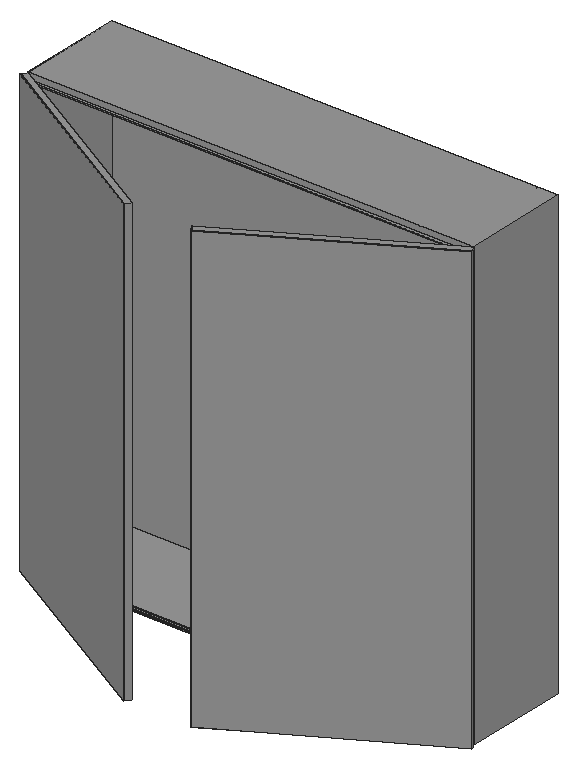
Revit family "Hager-Orion_Inox-IP55-D300-Cl.I-Inox_encl-630A-1200mm-NoHosted-CH-it", category Equipement électrique, Revit 2020
Family settings
  Configuration du panneau = Deux colonnes, circuits au sein
  Cote de connecteur circulaire = Utiliser le diamètre
  Type d'élément = Tableau de raccordement
  Basée sur le plan de construction = Oui
  Toujours verticalement = Oui
  Couper avec des vides une fois chargée = Non
  Partagée = Non
  Point de calcul de pièce = Non
Parameters (values of type "A parete IP55 L1200 A1200 P300  - FL060BWL")
  Width Control [instance] = if([EF000008 - Larghezza] > Min Width, [EF000008 - Larghezza], Min Width)  # 1200 mm
  Commentaires du type = [HG000003 - Gamma]  # "Orion Inox"
  Thickness Door [instance] = if([EF009171 - spessore materiale porta/coperchio] > 3 mm, 3 mm, [EF009171 - spessore materiale porta/coperchio])  # 1.5 mm
  Seal Frame Offset [instance] = 17 mm  # constant formula
  Min Width [instance] = 100 mm  # constant formula
  Min Depth [instance] = (2 * [EF009170 - spessore materiale scatola]) + 1 mm  # 4 mm
  Min Height [instance] = 100 mm  # constant formula
  Internal Frame Depth [instance] = -(Door System Depth * 0.5)  # -9 mm
  Panel Name [instance] = ""  # (empty or 0)
  Model = ""
  HG000027 - Altezza dello zoccolo = 0 mm
  HG000026 - A pavimento = no
  HG000024 - Altezza della sezione inferiore = 600 mm
  HG000023 - Custodia a doppia sezione = no
  HG000016 - Visibilità delle porte nella vista 3D [instance] = yes
  HG000015 - Visibilità attraverso la porta [instance] = no
  HG000014 - Porta destra [instance] = yes
  HG000013 - Porta sinistra [instance] = not([HG000014 - Porta destra])  # no
  HG000012 - Angolo di apertura della porta [instance] = 30.00°
  HG000010 - Porte asimmetriche = no
  HG000009 - Porta doppia a battente = yes
  HG000006 - Ad incasso = no
  HG000004 - Codice produttore = "FL060BWL"
  HG000003 - Gamma = "Orion Inox"
  HG000002 - Con porta = yes
  Frame Offset Bottom [instance] = 10 mm  # constant formula
  Frame Offset [instance] = 15 mm  # constant formula
  EF015940 - Coprire con rilascio di sovrapressione = no
  EF011959 - tipo di protezione (NEMA) = ""
  EF009554 - numero delle aperture per la piastra della flangia = 0
  EF009212 - esecuzione coperchio = "EV000116 - chiuso"
  EF009171 - spessore materiale porta/coperchio = 1.5 mm
  EF009170 - spessore materiale scatola = 1.5 mm
  EF008873 - corrente nominale (In) = 630 A
  EF007800 - adatto per parafulmine = no
  EF006306 - con serratura = yes
  EF006244 - coperchio/porta trasparente = no
  EF005474 - grado di protezione (IP) = "EV006420 - IP55"
  EF004464 - tipo di porta = "EV003602 - doppio"
  EF004427 - numero di moduli = 0
  EF004293 - resistenza agli urti = "EV008784 - IK10"
  EF003532 - adatto per uso esterno = yes
  EF002950 - Numero moduli DIN = 0
  EF001613 - Integrità del circuito = "EV000494 - senza"
  EF001596 - Attacco Lampada = "EV000166 - acciaio inossidabile"
  EF001131 - profondità interna = 266 mm
  EF001088 - possibilità di applicazione = yes
  EF000437 - numero di ingressi per conduttori = 0
  EF000339 - tipo di copertura = "EV004216 - porta"
  EF000266 - numero di file = 0
  EF000218 - profondità di incasso = 0 mm
  EF000118 - con piastra di montaggio = no
  EF000116 - numero RAL = ""
  EF000049 - profondità = 300 mm
  EF000040 - Altezza = 1200 mm
  EF000008 - Larghezza = 1200 mm
  EF000007 - colore = "EV000154 - altri"
  EF000003 - Tipo di montaggio = "EV000384 - A parete"
  Door System Leaf Tolerance [instance] = 1.5 mm  # constant formula
  Door System Depth [instance] = 18 mm  # constant formula
  Description = ""
  Default Elevation = 1219.2 mm
  Connector Offset [instance] = Height Control / 2  # 600 mm
  Fabricant = "Hager"  # constant formula
  Height Control [instance] = if([EF000040 - Altezza] > Min Height, [EF000040 - Altezza], Min Height)  # 1200 mm
  Depth Control [instance] = if([EF000049 - profondità] > Min Depth, [EF000049 - profondità], Min Depth)  # 300 mm
Types (4, lengths in mm): name | Width Control | HG000004 - Codice produttore | EF000008 - Larghezza
  A parete IP55 L1000 A1200 P300  - FL058BW | 1000 | "FL058BW" | 1000
  A parete IP55 L1000 A1200 P300  - FL058BWL | 1000 | "FL058BWL" | 1000
  A parete IP55 L1200 A1200 P300  - FL060BW | 1200 | "FL060BW" | 1200
  A parete IP55 L1200 A1200 P300  - FL060BWL | 1200 | "FL060BWL" | 1200
Reference planes
  plane 1 "Center (Front/Back)": y = 0
  plane 2: z = 0
  plane 3 "Center (Left/Right)": x = 0
  plane 4: y = 0
  plane 5: y = 0
  plane 6: z = 0
  plane 7: x = -600
  plane 8: x = 600
  plane 9: x = 598.5
  plane 10: x = -598.5
  plane 11: z = 0
  plane 12: z = 1.5
  plane 13: y = -300
  plane 14: y = -1.5
  plane 15: x = 0
  plane 16: y = -282
  plane 17: y = -298.5
  plane 18: y = -280.5
  plane 19: x = -583.5
  plane 20: x = 583.5
  plane 21: z = 11.5
  plane 22: x = -583
  plane 23: x = 583
  plane 24: z = 0
  plane 25: z = 1200
  plane 26: z = 1200
  plane 27: z = 1183.5
  plane 28: z = 1198.5
Forms (mm)
  Extrusion 1, solid, material "Hager_Stainless_Steel", detail levels medium+fine
    sketch origin (-208.679, -4572, 0) x (-1, 0, 0) y (0, -1, 0)
      loop
        line (391.321, -4290) -> (-808.679, -4290) -> (-808.679, -4572) -> (391.321, -4572) -> (391.321, -4290)
    from 0 to 1200
  Extrusion 2, void
    sketch origin (-350.771, -300, 1219.2) x (1, 0, 0) y (0, 0, 1)
      loop
        line (-247.729, -20.7) -> (-247.729, -1217.7) -> (949.271, -1217.7) -> (949.271, -20.7) -> (-247.729, -20.7)
    from -19.5 to -298.5
  Extrusion 3, void
    sketch origin (-290.084, -282, 1219.2) x (1, 0, 0) y (0, 0, 1)
      loop
        line (-293.416, -1207.7) -> (873.584, -1207.7) -> (873.584, -35.7) -> (-293.416, -35.7) -> (-293.416, -1207.7)
    from 0 to -1.5
  Extrusion 4, solid, material "Hager_Stainless_Steel", detail levels fine
    sketch origin (-290.084, -282, 1219.2) x (-1, 0, 0) y (0, 0, 1)
      loop
        line (-873.584, -1207.7) -> (293.416, -1207.7) -> (293.416, -35.7) -> (-873.584, -35.7) -> (-873.584, -1207.7)
      loop
        line (-875.084, -1209.2) -> (294.916, -1209.2) -> (294.916, -34.2) -> (-875.084, -34.2) -> (-875.084, -1209.2)
    from 0 to -9 <- "Internal Frame Depth"
  Extrusion 5, solid, material "Hager_Stainless_Steel", detail levels coarse
    sketch origin (0, 0, 0) x (1, 0, 0) y (0, 1, 0)
      loop
        line (-600, 0) -> (-600, -300) -> (600, -300) -> (600, 0) -> (-600, 0)
    from 0 to 1200 <- "Height Control"
Cuts and joins
  Extrusion 2, Extrusion 3 cuts Extrusion 1
Lines and regions (mm)
  Masking region 1
    outline origin (0, 0, 0) x (1, 0, 0) y (0, 1, 0)
      loop
        line (-600, 0) -> (-600, -300) -> (600, -300) -> (600, 0) -> (-600, 0)
  Masking region 2
    outline origin (-290.084, -282, 1219.2) x (-1, 0, 0) y (0, 0, 1)
      loop
        line (-890.084, -1219.2) -> (309.916, -1219.2) -> (309.916, -19.2) -> (-890.084, -19.2) -> (-890.084, -1219.2)
  Masking region 3, detail levels coarse
    outline origin (0, 0, 0) x (0, 1, 0) y (0, 0, 1)
      loop
        line (0, 0) -> (0, 1200) -> (-300, 1200) -> (-300, 0) -> (0, 0)
  Masking region 4, detail levels medium+fine
    outline origin (0, 0, 594.038) x (0, 1, 0) y (0, 0, 1)
      loop
        line (0, -594.038) -> (0, 605.962) -> (-282, 605.962) -> (-282, -594.038) -> (0, -594.038)
Dimensions and locks
  locked: plane 1 "Center (Front/Back)" to plane 5
  "EF009170 - spessore materiale scatola": plane 7 to plane 10
  "EF009170 - spessore materiale scatola": plane 8 to plane 9
  equal spacing: plane 7, plane 3 "Center (Left/Right)", plane 8
  "Width Control": plane 7 to plane 8
  "Depth Control": plane 4 to plane 13
  "EF009170 - spessore materiale scatola": plane 4 to plane 14
  "Height Control": plane 25 to level
  "EF009170 - spessore materiale scatola": plane 12 to plane 11
  "EF009170 - spessore materiale scatola": plane 17 to plane 13
  "EF009170 - spessore materiale scatola": plane 18 to plane 16
  "Frame Offset Bottom": plane 21 to plane 12
  "Frame Offset": plane 10 to plane 19
  "Frame Offset": plane 9 to plane 20
  "Door System Depth": plane 16 to plane 13
  "Seal Frame Offset": plane 7 to plane 22
  "Seal Frame Offset": plane 8 to plane 23
  "EF009170 - spessore materiale scatola": plane 26 to plane 28
  "Frame Offset": plane 28 to plane 27
  "Connector Offset": plane 2 to connector elem
  "Thickness Door": cut or joined group of Extrusion 1, Extrusion 2, Extrusion 3 to Extrusion 4 sketch curve
  "Thickness Door": Extrusion 4 sketch curve to plane 19
  "Thickness Door": Extrusion 4 sketch curve to plane 20
  "Thickness Door": Extrusion 4 sketch curve to plane 27
  aligned and locked: Extrusion 2 sketch curve to plane 12
  aligned and locked: Extrusion 2 sketch curve to plane 9
  aligned and locked: Extrusion 2 sketch curve to plane 10
  aligned and locked: Extrusion 2 to plane 14
  aligned and locked: Extrusion 1 sketch curve to plane 4
  aligned and locked: plane 8 to Extrusion 1 sketch curve
  aligned and locked: plane 7 to Extrusion 1 sketch curve
  aligned and locked: Extrusion 2 to plane 18
  aligned and locked: Extrusion 3 sketch curve to plane 19
  aligned and locked: plane 20 to Extrusion 3 sketch curve
  aligned and locked: Extrusion 3 to Extrusion 2
  aligned and locked: Extrusion 3 sketch curve to plane 21
  aligned and locked: plane 3 "Center (Left/Right)" to nested 1
  aligned and locked: Extrusion 1 sketch curve to plane 16
  aligned and locked: Masking region 1 sketch curve to plane 7
  aligned and locked: Masking region 1 sketch curve to plane 5
  aligned and locked: Masking region 1 sketch curve to plane 8
  aligned and locked: Masking region 2 sketch curve to level
  aligned and locked: level to Masking region 3 sketch curve
  aligned and locked: plane 1 "Center (Front/Back)" to Masking region 3 sketch curve
  aligned and locked: plane 13 to Masking region 3 sketch curve
  aligned and locked: Masking region 2 sketch curve to plane 8
  aligned and locked: Masking region 2 sketch curve to plane 7
  aligned and locked: plane 7 to nested 2
  aligned and locked: nested 2 to plane 5
  aligned and locked: plane 5 to Masking region 4 sketch curve
  aligned and locked: plane 26 to Masking region 4 sketch curve
  aligned and locked: Extrusion 5 sketch curve to plane 8
  aligned and locked: Extrusion 5 sketch curve to plane 7
  aligned and locked: Extrusion 5 sketch curve to plane 5
  aligned and locked: Extrusion 3 sketch curve to plane 27
  aligned and locked: Extrusion 2 sketch curve to plane 28
  aligned and locked: Extrusion 4 sketch curve to plane 27
  aligned and locked: Extrusion 4 sketch curve to plane 20
  aligned and locked: Extrusion 4 sketch curve to plane 21
  aligned and locked: Extrusion 4 sketch curve to plane 19
  aligned and locked: Masking region 2 to plane 25
  aligned and locked: Masking region 4 sketch curve to plane 24
  aligned and locked: Masking region 1 to plane 13
  aligned and locked: nested 1 to plane 16
  aligned and locked: Masking region 3 to plane 25
  aligned and locked: Masking region 4 sketch curve to plane 16
  aligned and locked: plane 24 to plane 11
  aligned and locked: plane 26 to plane 25
  aligned and locked: level to plane 24
  aligned and locked: Extrusion 1 to Masking region 3
  aligned and locked: level to nested 1
Automatic sketch dimensions
  Extrusion 5 sketch curve to plane 13 = 0 mm
  plane 27 to Masking region 2 sketch curve = 16.5 mm
  plane 27 to Masking region 3 sketch curve = 16.5 mm
  Masking region 1 sketch curve to plane 13 = 0 mm
  Extrusion 3 sketch curve to plane 21 = 0 mm
  plane 19 to Extrusion 3 sketch curve = 0 mm
  Extrusion 3 sketch curve to plane 20 = 0 mm
Nested families
  nested 1: "EC000058_OrionInox_Door" at (0, -282, 0), Double <- "HG000009 - Porta doppia a battente", Transparent <- "EF006244 - coperchio/porta trasparente", Angle <- "HG000012 - Angolo di apertura della porta", Door_Right <- "HG000014 - Porta destra", Assymetrical <- "HG000010 - Porte asimmetriche", Door <- "HG000002 - Con porta", Width_Ctrl <- "Width Control", 3d_Door <- "HG000016 - Visibilità delle porte nella vista 3D", Clearance <- "HG000015 - Visibilità attraverso la porta", Door_Left <- "HG000013 - Porta sinistra", Width <- "Width Control", Door_Depth <- "Door System Depth", Leaf_Tolerance <- "Door System Leaf Tolerance", Height <- "Height Control", Thickness <- "Thickness Door", type "EC000058_OrionInox_Door", detail levels medium+fine
    with min_wh 4 mm, Width_Ctrl 1200 mm, Width 1200 mm, Transparent no, Thickness 1.5 mm, Seal_Material Hager_Rubber, Leaf_Width 1200 mm, Leaf_Tolerance_External_Sides 0 mm, Leaf_Tolerance 1.5 mm, Leaf_Offset 0 mm, Leaf_Height 1197 mm, Leaf_2_Width 598.5 mm, Leaf_2_Offset 300 mm, Leaf_1_Width 598.5 mm, Leaf_1_Offset 300 mm, Height_Ctrl 1200 mm, Height 1200 mm, Glass_Material Hager_Glass, Double_Clearance_Ctrl no, Double yes, Door_Right_Ctrl yes, Door_Right yes, Door_Material Hager_Stainless_Steel, Door_Left_Ctrl yes, Door_Left no, Door_Depth 18 mm, Door yes, Clearance_Material Hager_Clearance, Clearance_Depth 598.5 mm, Clearance_Ctrl no, Clearance no, Assymetrical no, Angle 30.00°, 3d_Door yes
  nested 2: "Hager_Enclosure_Symbol" at (-600, 0, 0), Height <- "Depth Control", Width <- "Width Control", type "Hager_Enclosure_Symbol"
    with Width_Ctrl 1200 mm, Width 1200 mm, Height_Ctrl 300 mm, Height 300 mm, A_Width_Int 19.688 mm, A_Width 236.25 mm, A_Height_Ctrl 262.5 mm, A_Height 262.5 mm
Connectors
  electrical at (0, 0, 600)
    settings: on plane 1 "Center (Front/Back)", index 1, voltage 0 V, apparent load 0 VA, apparent load phase1 0 VA, apparent load phase2 0 VA, apparent load phase3 0 VA, power factor 1, load classification "Other", number of poles 1, system type 30, power factor state 1, is connector primary yes, connector utility no, sub classification motor no, connector description ""
Definition of nested family "EC000058_OrionInox_Door"
  Parameters (values of type "EC000058_OrionInox_Door")
    min_wh [instance] = (2 * Thickness) + 1 mm  # 11 mm
    Width_Ctrl [instance] = 400 mm
    Width [instance] = 500 mm
    Transparent [instance] = yes
    Thickness [instance] = 5 mm
    Seal_Material [instance] = none
    Leaf_Width [instance] = if((Width_Ctrl - 2 * Leaf_Tolerance_External_Sides) > 0 mm, (Width_Ctrl - 2 * Leaf_Tolerance_External_Sides), min_wh)  # 400 mm
    Leaf_Tolerance_External_Sides [instance] = 0 mm  # constant formula
    Leaf_Tolerance [instance] = 1.5 mm
    Leaf_Offset [instance] = 0 mm  # constant formula
    Leaf_Height [instance] = if((Height_Ctrl - 2 * Leaf_Tolerance) > 0 mm, (Height_Ctrl - 2 * Leaf_Tolerance), min_wh)  # 497 mm
    Leaf_2_Width [instance] = if(and(and(Double, Assymetrical), Door_Left), (Leaf_Width / 3) - (Leaf_Tolerance / 2), if(and(and(Double, Assymetrical), Door_Right), (Leaf_Width / 3) * 2 - (Leaf_Tolerance / 2), if(and(Double, not(Assymetrical)), (Leaf_Width / 2) - Leaf_Tolerance, Leaf_Width)))  # 400 mm
    Leaf_2_Offset [instance] = if(and(Double, Assymetrical), Leaf_2_Width / 2, if(and(Double, not(Assymetrical)), Leaf_Width / 4, Leaf_Width / 2))  # 200 mm
    Leaf_1_Width [instance] = if(and(and(Double, Assymetrical), Door_Right), (Leaf_Width / 3) - (Leaf_Tolerance / 2), if(and(and(Double, Assymetrical), Door_Left), (Width / 3) * 2 - (Leaf_Tolerance / 2), if(and(Double, not(Assymetrical)), (Leaf_Width / 2) - Leaf_Tolerance, Leaf_Width)))  # 400 mm
    Leaf_1_Offset [instance] = if(and(Double, Assymetrical), Leaf_1_Width / 2, if(and(Double, not(Assymetrical)), Leaf_Width / 4, Leaf_Width / 2))  # 200 mm
    Height_Ctrl [instance] = if(Height > min_wh, Height, min_wh)  # 500 mm
    Height [instance] = 500 mm
    Glass_Material [instance] = none
    Double_Clearance_Ctrl [instance] = and(Double, Clearance)  # no
    Double [instance] = no
    Door_Right_Ctrl [instance] = and(or(Door_Right, Double), Door)  # yes
    Door_Right [instance] = yes
    Door_Material [instance] = none
    Door_Left_Ctrl [instance] = and(or(Door_Left, Double), Door)  # no
    Door_Left [instance] = no
    Door_Depth [instance] = 30 mm
    Door [instance] = yes
    Default Elevation = 1219.2 mm
    Clearance_Material [instance] = none
    Clearance_Depth [instance] = if(Leaf_1_Width > Leaf_2_Width, Leaf_1_Width, Leaf_2_Width)  # 400 mm
    Clearance_Ctrl [instance] = and(not(Double), Clearance)  # yes
    Clearance [instance] = yes
    Assymetrical [instance] = yes
    Angle [instance] = 30.00°
    3d_Door [instance] = yes
  Reference planes
    plane 1 "Center (Front/Back)": y = 0
    plane 2 "Bottom": z = 0
    plane 3 "Center (Left/Right)": x = 0
    plane 4: z = 500
    plane 5: x = -200
    plane 6: x = 200
    plane 7: z = 500
    plane 8: x = -200
    plane 9: z = 0
    plane 10: x = 200
    plane 11: y = 0
    plane 12: z = 1.5
    plane 13: x = -600
    plane 14: y = -400
    plane 15: x = 600
    plane 16: x = 0
    plane 17: x = 0
    plane 18: x = -200
    plane 19: x = 200
    plane 20: z = 498.5
  Forms (mm)
    Extrusion 1, solid, material <- "Clearance_Material", visible <- "Double_Clearance_Ctrl"
      sketch origin (1200, 0, 0) x (1, 0, 0) y (0, 0, -1)
        loop
          line (-1800, -498.5) -> (-600, -498.5) -> (-600, 0) -> (-1800, 0) -> (-1800, -498.5)
      from 0 to -400
  Dimensions and locks
    equal spacing: plane 5, plane 3 "Center (Left/Right)", plane 6
    "Width_Ctrl": plane 5 to plane 6
    "Leaf_Offset": plane 5 to plane 8
    "Leaf_Offset": plane 6 to plane 10
    "Leaf_Offset": plane 9 to level
    "Leaf_Offset": plane 4 to plane 7
    "Height_Ctrl": plane 4 to level
    "Leaf_Tolerance": plane 12 to plane 9
    locked: plane 11 to plane 1 "Center (Front/Back)"
    "Leaf_1_Offset": plane 18 to plane 16
    "Leaf_2_Offset": plane 17 to plane 19
    "Leaf_1_Width": plane 13 to plane 8
    "Leaf_2_Width": plane 10 to plane 15
    "Clearance_Depth": plane 14 to plane 1 "Center (Front/Back)"
    "Leaf_Tolerance_External_Sides": plane 8 to plane 18
    "Leaf_Tolerance_External_Sides": plane 19 to plane 10
    "Leaf_Tolerance": plane 7 to plane 20
    aligned and locked: level to plane 2 "Bottom"
    aligned and locked: nested 1 to plane 16
    aligned and locked: nested 2 to plane 17
    aligned and locked: Extrusion 1 to plane 13
    aligned and locked: plane 15 to Extrusion 1
    aligned and locked: Extrusion 1 to plane 14
    aligned and locked: plane 12 to nested 1
    aligned and locked: nested 2 to plane 12
    aligned and locked: Extrusion 1 to plane 11
    aligned and locked: plane 20 to Extrusion 1
    aligned and locked: nested 2 to plane 11
    aligned and locked: nested 1 to plane 11
  Automatic sketch dimensions
    Extrusion 1 sketch curve to level = 0 mm
    plane 5 to Extrusion 1 sketch curve = 400 mm
    plane 6 to Extrusion 1 sketch curve = 400 mm
    Extrusion 1 sketch curve to plane 4 = 1.5 mm
  Nested families
    nested 1: "EC000058_OrionInox_Door_Leaf" at (0, 0, 1.5), Width <- "Leaf_1_Width", visible <- "Door_Left_Ctrl", Leaf_Height <- "Leaf_Height", Angle <- "Angle", 3d_Door <- "3d_Door", Transparent <- "Transparent", Clearance Material <- "Clearance_Material", Clearance <- "Clearance_Ctrl", Door_Material <- "Door_Material", Glass_Material <- "Glass_Material", Door_Depth <- "Door_Depth", Seal_Material <- "Seal_Material", Thickness <- "Thickness", type "EC000058_OrionInox_Door_Leaf"
      with Width 400 mm, Transparent_Ctrl yes, Transparent yes, Thickness 5 mm, Standard no, Seal_Material none, Seal_D2 8 mm, Seal_D1 1 mm, Offset_Internal_Frame 10 mm, Lock_Width 28 mm, Lock_Thickness 2 mm, Lock_Radius 6 mm, Leaf_Height 497 mm, Internal_Seal_Thickness 8 mm, Internal_Seal_Depth_2 4.5 mm, Internal_Frame_Depth 25 mm, Glass_Thickness -1 mm, Glass_Offset -2 mm, Glass_Material none, Door_Material none, Door_Depth 30 mm, Clearance Material none, Clearance yes, Angle_Ctrl 30.00°, Angle 30.00°, 3d_Door yes
    nested 2: "EC000058_OrionInox_Door_Leaf" at (0, 0, 1.5) x (-1, 0, 0) z (0, 0, 1), Width <- "Leaf_2_Width", visible <- "Door_Right_Ctrl", Leaf_Height <- "Leaf_Height", Angle <- "Angle", 3d_Door <- "3d_Door", Transparent <- "Transparent", Clearance Material <- "Clearance_Material", Clearance <- "Clearance_Ctrl", Door_Material <- "Door_Material", Glass_Material <- "Glass_Material", Door_Depth <- "Door_Depth", Seal_Material <- "Seal_Material", Thickness <- "Thickness", type "EC000058_OrionInox_Door_Leaf"
      with Width 400 mm, Transparent_Ctrl yes, Transparent yes, Thickness 5 mm, Standard no, Seal_Material none, Seal_D2 8 mm, Seal_D1 1 mm, Offset_Internal_Frame 10 mm, Lock_Width 28 mm, Lock_Thickness 2 mm, Lock_Radius 6 mm, Leaf_Height 497 mm, Internal_Seal_Thickness 8 mm, Internal_Seal_Depth_2 4.5 mm, Internal_Frame_Depth 25 mm, Glass_Thickness -1 mm, Glass_Offset -2 mm, Glass_Material none, Door_Material none, Door_Depth 30 mm, Clearance Material none, Clearance yes, Angle_Ctrl 30.00°, Angle 30.00°, 3d_Door yes
  Definition of nested family "EC000058_OrionInox_Door_Leaf"
    Parameters (values of type "EC000058_OrionInox_Door_Leaf")
      Width [instance] = 450 mm
      Transparent_Ctrl [instance] = and(Transparent, [3d_Door])  # yes
      Transparent [instance] = yes
      Thickness [instance] = 5 mm
      Standard [instance] = and(not(Transparent), [3d_Door])  # no
      Seal_Material [instance] = none
      Seal_D2 [instance] = 8 mm  # constant formula
      Seal_D1 [instance] = 1 mm  # constant formula
      Offset_Internal_Frame [instance] = 10 mm  # constant formula
      Lock_Width [instance] = Door_Depth - Lock_Thickness  # 28 mm
      Lock_Thickness [instance] = 2 mm  # constant formula
      Lock_Radius [instance] = 6 mm  # constant formula
      Leaf_Height [instance] = 450 mm
      Internal_Seal_Thickness [instance] = 8 mm  # constant formula
      Internal_Seal_Depth_2 [instance] = 4.5 mm  # constant formula
      Internal_Frame_Depth [instance] = if(Door_Depth - Thickness > 5 mm, Door_Depth - Thickness, 5 mm)  # 25 mm
      Glass_Thickness [instance] = if(Thickness > 15 mm, Glass_Offset + 10 mm, -1 mm)  # -1 mm
      Glass_Offset [instance] = if(Thickness > 15 mm, -(Thickness + 10 mm) / 2, -2 mm)  # -2 mm
      Glass_Material [instance] = none
      Door_Material [instance] = none
      Door_Depth [instance] = 30 mm
      Default Elevation = 0 mm
      Clearance Material [instance] = none
      Clearance [instance] = yes
      Angle_Ctrl [instance] = if(Angle > 180.00°, 180.00°, Angle)  # 90.00°
      Angle [instance] = 90.00°
      3d_Door [instance] = yes
    Reference planes
      plane 1 "Center (Front/Back)": y = 0
      plane 2: z = 0
      plane 3 "Center (Left/Right)": x = 0
      plane 4: y = 450
      plane 5: x = -225
      plane 6: x = 225
      plane 7: x = -675
      plane 8: z = 450
      plane 9: z = 30
      plane 10: z = 420
      plane 11: x = 195
      plane 12: x = -195
      plane 13: y = -3
      plane 14: z = 107.833
      plane 15: y = -5
      plane 16: y = -223.314
      plane 17: x = -225
      plane 18: y = 30
    Forms (mm)
      Extrusion 1, solid, material <- "Clearance Material", visible <- "Clearance"
        sketch origin (0, 0, 0) x (1, 0, 0) y (0, 0, 1)
          loop
            line (-675, 450) -> (-675, 0) -> (225, 0) -> (225, 450) -> (-675, 450)
        from 0 to -450
      Extrusion 2, solid, material <- "Door_Material", visible <- "Standard", detail levels medium+fine
        sketch origin (-225, 0, 0) x (0, 1, 0) y (-1, 0, 0)
          loop
            line (0, 30) -> (0, 25) -> (450, 25) -> (450, 30) -> (0, 30)
        from 0 to 450 <- "Leaf_Height"
      Extrusion 3, solid, material <- "Door_Material", visible <- "Transparent_Ctrl", detail levels medium+fine
        sketch origin (-225, 0, 0) x (0, 1, 0) y (-1, 0, 0)
          loop
            line (0, 25) -> (450, 25) -> (450, 30) -> (0, 30) -> (0, 25)
        from 0 to 450 <- "Leaf_Height"
      Extrusion 4, void
        sketch origin (-250, 450, 0) x (0, 1, 0) y (0, 0, -1)
          loop
            line (-30, -420) -> (-30, -30) -> (-420, -30) -> (-420, -420) -> (-30, -420)
        from 0 to 5 <- "Thickness"
      Sweep 5, solid, material <- "Seal_Material", visible <- "Transparent_Ctrl", detail levels fine
        path in 3D
          loop
            line (-250, 30, 30) -> (-250, 30, 420) -> (-250, 420, 420) -> (-250, 420, 30) -> (-250, 30, 30)
        profile origin (-250, 225, 30) x (1, 0, 0) y (0, 0, 1)
          loop
            line (0, 0) -> (0, -8) -> (1, -8) -> (1, 0) -> (0, 0)
      Extrusion 6, solid, material <- "Glass_Material", visible <- "Transparent_Ctrl", detail levels medium+fine
        sketch origin (-255, 0, 0) x (0, 1, 0) y (0, 0, -1)
          loop
            line (420, -420) -> (420, -30) -> (30, -30) -> (30, -420) -> (420, -420)
        from -2 <- "Glass_Offset" to -1 <- "Glass_Thickness"
      Extrusion 7, solid, material <- "Door_Material", visible <- "3d_Door", detail levels medium+fine
        sketch origin (-250, 450, 0) x (0, -1, 0) y (0, 0, -1)
          loop
            line (0, -450) -> (450, -450) -> (450, 0) -> (0, 0) -> (0, -450)
          loop
            line (445, -5) -> (5, -5) -> (5, -445) -> (445, -445) -> (445, -5)
        from 0 to 25 <- "Internal_Frame_Depth"
      Sweep 8, solid, material <- "Seal_Material", visible <- "Transparent_Ctrl", detail levels fine
        path in 3D
          loop
            line (-250, 0, 0) -> (-250, 450, 0) -> (-250, 450, 450) -> (-250, 0, 450) -> (-250, 0, 0)
        profile origin (-250, 0, 225) x (1, 0, 0) y (0, 1, 0)
          loop
            line (0, 10) -> (2.975, 10)
            arc (2.975, 10) -> (4.053, 10.447) -> (4.5, 11.525) r 1.525
            line (4.5, 11.525) -> (4.5, 16.527)
            arc (4.5, 16.527) -> (4.069, 17.569) -> (3.027, 18) r 1.473
            line (3.027, 18) -> (0, 18) -> (0, 10)
    Cuts and joins
      Extrusion 4 cuts Extrusion 3
    Lines and regions (mm)
      Masking region 1, detail levels medium+fine
        outline origin (0, 0, 0) x (0, 1, 0) y (0, 0, 1)
          loop
            line (0, 0) -> (30, 0) -> (30, 450) -> (0, 450) -> (0, 0)
      Masking region 2, detail levels medium+fine
        outline origin (0, 0, 0) x (1, 0, 0) y (0, 0, 1)
          loop
            line (-225, 450) -> (-225, 0) -> (225, 0) -> (225, 450) -> (-225, 450)
      symbolic lines
        curve 1: line (225, 0, 0) -> (-675, 0, 0)
        curve 2: arc (225, 0, 0) -> (-225, 450, 0) -> (-675, 0, 0) r 450
        curve 4: line (-255, 0, 0) -> (-255, 450, 0)
      reference lines
        curve 3: line (-225, 0, 0) -> (-225, 450, 0)
      symbolic lines, detail levels medium+fine
        curve 5: line (-255, 450, 0) -> (-250, 450, 0)
        curve 7: line (-250, 0, 0) -> (-255, 0, 0)
        curve 8: line (-250, 0, 0) -> (-225, 0, 0)
        curve 9: line (-225, 0, 0) -> (-225, 450, 0)
        curve 10: line (-225, 450, 0) -> (-250, 450, 0)
      symbolic lines, detail levels fine
        curve 6: line (-250, 450, 0) -> (-250, 0, 0)
      sketch lines
        curve 11: line (-250, 0, 450) -> (-250, 0, 0)
        curve 12: line (-250, 450, 0) -> (-250, 0, 0)
        curve 13: line (-250, 450, 450) -> (-250, 450, 0)
        curve 14: line (-250, 0, 450) -> (-250, 450, 450)
        curve 15: line (-250, 420, 30) -> (-250, 30, 30)
        curve 16: line (-250, 30, 30) -> (-250, 30, 420)
        curve 17: line (-250, 420, 420) -> (-250, 420, 30)
        curve 18: line (-250, 30, 420) -> (-250, 420, 420)
      symbolic lines, visible <- "Transparent", detail levels medium+fine
        curve 19: line (-195, 0, 420) -> (195, 0, 420)
        curve 20: line (-195, 0, 30) -> (-195, 0, 420)
        curve 21: line (195, 0, 30) -> (-195, 0, 30)
        curve 22: line (195, 0, 420) -> (195, 0, 30)
    Dimensions and locks
      "Width": plane 1 "Center (Front/Back)" to plane 4
      equal spacing: plane 5, plane 3 "Center (Left/Right)", plane 6
      "Width": plane 5 to plane 6
      "Width": plane 7 to plane 5
      "Leaf_Height": plane 8 to level
      "Width": curve 5 to curve 3
      "Width": curve 3 to curve 3
      plane 8 to plane 10 = 30 mm
      plane 9 to level = 30 mm
      plane 12 to plane 5 = 30 mm
      plane 6 to plane 11 = 30 mm
      Extrusion 4 sketch curve to Extrusion 3 = 30 mm
      Extrusion 3 to Extrusion 4 sketch curve = 30 mm
      Extrusion 1 to Extrusion 4 sketch curve = 30 mm
      curve 3 to Extrusion 4 sketch curve = 30 mm
      Extrusion 4 sketch curve to cut or joined group of Extrusion 3, Extrusion 4 = 30 mm
      cut or joined group of Extrusion 3, Extrusion 4 to Extrusion 6 sketch curve = 30 mm
      cut or joined group of Extrusion 3, Extrusion 4 to Extrusion 4 sketch curve = 30 mm
      "Thickness": curve 6 to curve 4
      "Thickness": Extrusion 7 sketch curve to Extrusion 7 sketch curve  (x4)
      "Door_Depth": curve 4 to curve 3
      "Offset_Internal_Frame": profile plane to Sweep 8 sketch curve
      "Internal_Seal_Thickness": Sweep 8 sketch curve to Sweep 8 sketch curve
      "Internal_Seal_Depth_2": profile plane to Sweep 8 sketch curve
      "Seal_D1": profile plane to Sweep 5 sketch curve
      "Seal_D2": profile plane to Sweep 5 sketch curve
      "Thickness": Extrusion 2 sketch curve to Extrusion 2 sketch curve
      "Door_Depth": plane 18 to plane 1 "Center (Front/Back)"
      radius of Sweep 8 sketch curve = 1.525 mm
      radius of Sweep 8 sketch curve = 1.473 mm
      "Angle_Ctrl": angle plane 1 "Center (Front/Back)" to curve 3
      aligned and locked: level to plane 2
      aligned and locked: Extrusion 1 to curve 1
      aligned and locked: plane 6 to Extrusion 1
      aligned and locked: plane 1 "Center (Front/Back)" to Extrusion 1
      aligned and locked: plane 4 to Extrusion 1
      aligned and locked: plane 8 to Extrusion 1
      aligned and locked: curve 7 to Extrusion 2 sketch curve
      aligned and locked: curve 5 to Extrusion 2 sketch curve
      aligned and locked: curve 7 to Extrusion 3 sketch curve
      aligned and locked: Extrusion 3 sketch curve to curve 4
      aligned and locked: Extrusion 3 sketch curve to curve 6
      aligned and locked: Extrusion 3 sketch curve to curve 5
      aligned and locked: curve 9 to curve 3
      aligned and locked: Extrusion 7 sketch curve to cut or joined group of Extrusion 3, Extrusion 4  (x4)
      aligned and locked: plane 17 to curve 3
      aligned and locked: plane 1 "Center (Front/Back)" to curve 3
      aligned and locked: plane 17 to plane 5
      aligned and locked: Sweep 8 sketch curve to profile plane
      aligned and locked: Sweep 5 sketch curve to profile plane  (x2)
      aligned and locked: plane 1 "Center (Front/Back)" to Masking region 1 sketch curve
      aligned and locked: plane 18 to Masking region 1 sketch curve
      aligned and locked: level to Masking region 1 sketch curve
      aligned and locked: Masking region 1 sketch curve to plane 8
      aligned and locked: plane 17 to Masking region 2 sketch curve
      aligned and locked: level to Masking region 2 sketch curve
      aligned and locked: Masking region 2 sketch curve to plane 8
      aligned and locked: plane 12 to curve 20
      aligned and locked: plane 10 to curve 19
      aligned and locked: plane 11 to curve 22
      aligned and locked: plane 9 to curve 21
      aligned and locked: Extrusion 2 sketch curve to cut or joined group of Extrusion 3, Extrusion 4
    Automatic sketch dimensions
      plane 1 "Center (Front/Back)" to curve 2 = 0 mm
      curve 2 to plane 5 = 0 mm
      Extrusion 1 sketch curve to level = 0 mm
      Extrusion 1 sketch curve to plane 7 = 0 mm
      Extrusion 1 sketch curve to plane 6 = 0 mm
      Extrusion 1 sketch curve to plane 8 = 0 mm
      Extrusion 3 to Extrusion 6 sketch curve = 30 mm  (x4)
      Masking region 2 sketch curve to plane 6 = 0 mm
      curve 4 to curve 3 = 0 mm
Definition of nested family "Hager_Enclosure_Symbol"
  Parameters (values of type "Hager_Enclosure_Symbol")
    Width_Ctrl [instance] = if(Width > 1 mm, Width, 1 mm)  # 102.27 mm
    Width [instance] = 102.27 mm
    Height_Ctrl [instance] = if(Height > 1 mm, Height, 1 mm)  # 66.5 mm
    A_Width_Int [instance] = if(A_Width / 12 > 2 mm, A_Width / 12, 2 mm)  # 4.364 mm
    A_Width [instance] = if(A_Height_Ctrl * 0.9 > 2 mm, A_Height_Ctrl * 0.9, 2 mm)  # 52.369 mm
    A_Height_Ctrl [instance] = if(A_Height > 2 mm, A_Height, 2 mm)  # 58.188 mm
    Height [instance] = 66.5 mm
    A_Height [instance] = Height - (Height / 8)  # 58.188 mm
  Reference planes
    plane 1 "Centre (avant/arrière)": y = 0
    plane 2: z = 0
    plane 3 "Centre (gauche/droite)": x = 0
    plane 4: x = 52.369
    plane 5: y = 33.042
    plane 6: y = 41.77
    plane 7: y = 66.5
    plane 8: x = 26.184
    plane 9: y = 37.406
    plane 10: x = 102.27
    plane 11: y = 66.5
    plane 12: y = 8.313
  Lines and regions (mm)
    Filled region 1, type "Solid_Black", in view "Niveau de réf."
      outline origin (0, 0, 0) x (1, 0, 0) y (0, 1, 0)
        loop
          line (52.369, 66.5) -> (33.188, 54.536) -> (45.365, 45.006) -> (52.369, 66.5)
    Filled region 2, type "Solid_Black", in view "Niveau de réf."
      outline origin (0, 0, 0) x (1, 0, 0) y (0, 1, 0)
        loop
          line (0, 0) -> (102.27, 0) -> (102.27, 66.5) -> (0, 0)
    detail lines, in view "Niveau de réf."
      curve 1: line (0, 8.313, 0) -> (26.184, 41.77, 0)
      curve 2: line (26.184, 41.77, 0) -> (26.184, 33.042, 0)
      curve 3: line (26.184, 33.042, 0) -> (52.369, 66.5, 0)
  Dimensions and locks
    "A_Width": plane 3 "Centre (gauche/droite)" to plane 4
    equal spacing: plane 3 "Centre (gauche/droite)", plane 8, plane 4
    equal spacing: plane 6, plane 9, plane 5
    equal spacing: curve 3, Filled region 1 sketch curve, Filled region 1 sketch curve
    "Height_Ctrl": plane 1 "Centre (avant/arrière)" to plane 11
    "A_Height_Ctrl": plane 11 to plane 12
    equal spacing: plane 11, plane 9, plane 12
    "A_Width_Int": plane 6 to plane 9
    "Width_Ctrl": plane 3 "Centre (gauche/droite)" to plane 10
    angle Filled region 1 sketch curve to curve 3 = 20.00°
    angle curve 3 to Filled region 1 sketch curve = 20.00°
    locked: curve 3 to Filled region 1 sketch curve (angle 90.00°)
    aligned and locked: plane 10 to Filled region 2
    aligned and locked: plane 11 to Filled region 2 sketch curve
    aligned and locked: plane 10 to Filled region 2 sketch curve
    aligned and locked: plane 3 "Centre (gauche/droite)" to curve 1
    aligned and locked: plane 12 to curve 1
    aligned and locked: plane 7 to plane 11
  Automatic sketch dimensions
    Filled region 1 sketch curve to plane 4 = 0 mm
    Filled region 1 sketch curve to plane 7 = 0 mm
    plane 1 "Centre (avant/arrière)" to Filled region 2 sketch curve = 0 mm
    Filled region 2 sketch curve to plane 3 "Centre (gauche/droite)" = 0 mm
    curve 2 to plane 6 = 0 mm
    curve 2 to plane 8 = 0 mm
    curve 3 to plane 4 = 0 mm
    curve 2 to plane 5 = 0 mm
    curve 3 to plane 7 = 0 mm
